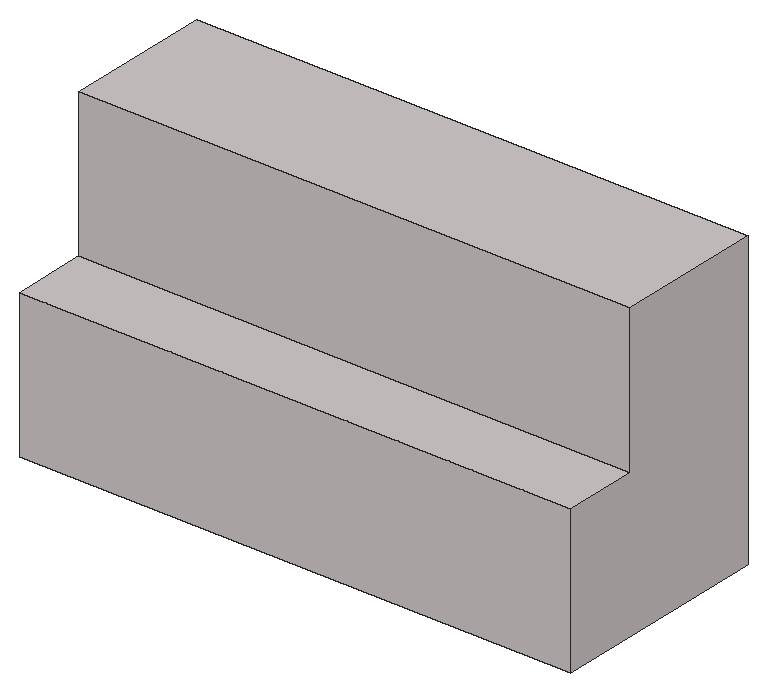
Revit family
Parameters (values of type "450 LB 600")
  Start Extension Calculation [instance] = 3012.5 mm + Start Extension  # 3000 mm
  Start Extension [instance] = -12.5 mm
  Seat = 150 mm
  Keynote = "E"
  End Extension Calculation [instance] = 3012.5 mm + End Extension  # 3000 mm
  End Extension [instance] = -12.5 mm
  Beam Material [instance] = Concrete - Precast Concrete - 35 MPa
  Assembly Code = ""
  Length [instance] = 1524 mm
  b = 450 mm
  h = 600 mm
  h1 = 300 mm
Types (4, lengths in mm): name | h | h1
  (no name) | 600 | 300
  450 LB 500 | 500 | 300
  450 LB 600 | 600 | 300
  450 LB 1200 | 1200 | 800
Reference planes
  plane 1 "Center (Front/Back)": y = 0
  plane 2: z = 0
  plane 3 "Center (Left/Right)": x = 4.61
  plane 4 "Member Left": x = -557.39
  plane 5 "Member Right": x = 566.61
  plane 6: y = 225
  plane 7: y = -225
  plane 8: z = 300
  plane 9 "Bottom": z = -300
  plane 10 "Left": x = -757.39
  plane 11 "Right": x = 766.61
  plane 12: x = -557.39
  plane 13: x = 566.61
  plane 14: x = 2442.61
  plane 15: x = -2433.39
Forms (mm)
  Sweep 1, solid, material "Concrete - Precast Concrete - 35 MPa" <- "Beam Material"
    path origin (0, 0, 0) x (1, 0, 0) y (0, 1, 0)
      loop
        line (566.61, 0) -> (-557.39, 0)
    profile "M_L Shape-Profile : M_L Shape-Profile" origin (4.61, 0, 0) x (0, -1, 0) y (0, 0, 1)
      loop
        line (225, -300) -> (225, 0) -> (75, 0) -> (75, 300) -> (-225, 300) -> (-225, -300) -> (225, -300)
Dimensions and locks
  "b": plane 6 to plane 7
  equal spacing: plane 9 "Bottom", plane 2, plane 8
  equal spacing: plane 6, plane 1 "Center (Front/Back)", plane 7
  "h": plane 9 "Bottom" to plane 8
  "Length": plane 10 "Left" to plane 11 "Right"
  locked: plane 15 to plane 5 "Member Right" at 3000
  locked: plane 4 "Member Left" to plane 14 at 3000
  "End Extension Calculation": plane 15 to plane 13
  "Start Extension Calculation": plane 12 to plane 14
  aligned and locked: Sweep 1 sketch curve to plane 1 "Center (Front/Back)"
  aligned and locked: plane 12 to Sweep 1 sketch curve
  aligned and locked: plane 13 to Sweep 1 sketch curve
